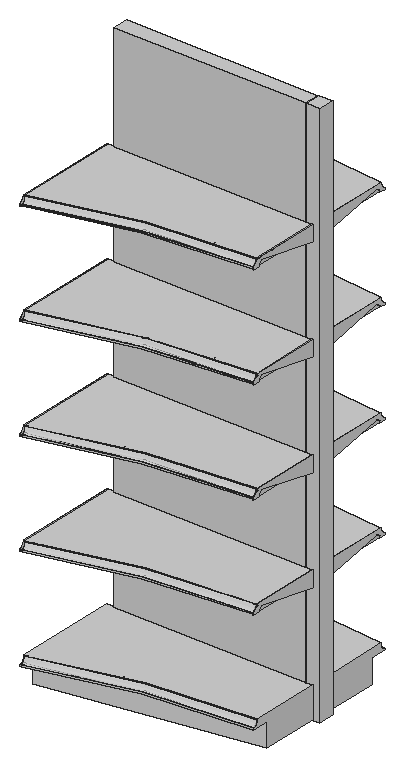
Revit family "ML14", category Specialty Equipment, Revit 2012 (continued)
Automatic sketch dimensions
  Sweep 39 sketch curve to Sweep 39 sketch curve = 0' - 0 1/8"  (x5)
  profile plane to Sweep 39 sketch curve = 0' - 0 7/8"
  Sweep 39 sketch curve to Sweep 39 sketch curve = 0' - 0.84303"
  Sweep 39 sketch curve to profile plane = 0' - 1 3/8"
  Sweep 39 sketch curve to Sweep 39 sketch curve = 0' - 1"
  Sweep 40 sketch curve to profile plane = 0' - 0"
  profile plane to Sweep 40 sketch curve = 0' - 0 1/8"
  Sweep 40 sketch curve to Sweep 40 sketch curve = 0' - 0 1/8"  (x5)
  profile plane to Sweep 40 sketch curve = 0' - 0 7/8"
  Sweep 40 sketch curve to Sweep 40 sketch curve = 0' - 0.84303"
  Sweep 40 sketch curve to profile plane = 0' - 1 3/8"
  Sweep 40 sketch curve to Sweep 40 sketch curve = 0' - 1"
  plane 7 to Extrusion 1 sketch curve = 0' - 0"  (x2)
  Extrusion 1 sketch curve to plane 6 = 0' - 0"  (x2)
  Extrusion 1 sketch curve to plane 12 = 0' - 0"
  Extrusion 1 sketch curve to plane 11 = 0' - 0"
  Extrusion 1 sketch curve to Extrusion 1 sketch curve = 0' - 0 1/32"
  plane 10 to Extrusion 1 sketch curve = 0' - 0 1/32"
  radius of Extrusion 9 sketch curve = 0' - 0 1/8"  (x2)
  radius of Extrusion 10 sketch curve = 0' - 0 1/8"  (x2)
  radius of Extrusion 11 sketch curve = 0' - 0 1/8"  (x2)
  radius of Extrusion 12 sketch curve = 0' - 0 1/8"  (x2)
  radius of Extrusion 13 sketch curve = 0' - 0 1/8"  (x2)
  radius of Extrusion 14 sketch curve = 0' - 0 1/8"  (x2)
  radius of Extrusion 15 sketch curve = 0' - 0 1/8"  (x2)
  radius of Extrusion 16 sketch curve = 0' - 0 1/8"  (x2)
  radius of Extrusion 17 sketch curve = 0' - 0 1/8"  (x2)
  radius of Extrusion 18 sketch curve = 0' - 0 1/8"  (x2)
  radius of Extrusion 19 sketch curve = 0' - 0 1/8"  (x2)
  radius of Extrusion 20 sketch curve = 0' - 0 1/8"  (x2)
  radius of Extrusion 21 sketch curve = 0' - 0 1/8"  (x2)
  radius of Extrusion 22 sketch curve = 0' - 0 1/8"  (x2)
  radius of Extrusion 23 sketch curve = 0' - 0 1/8"  (x2)
  radius of Extrusion 24 sketch curve = 0' - 0 1/8"  (x2)
  radius of Extrusion 28 sketch curve = 0' - 0 1/8"  (x2)
